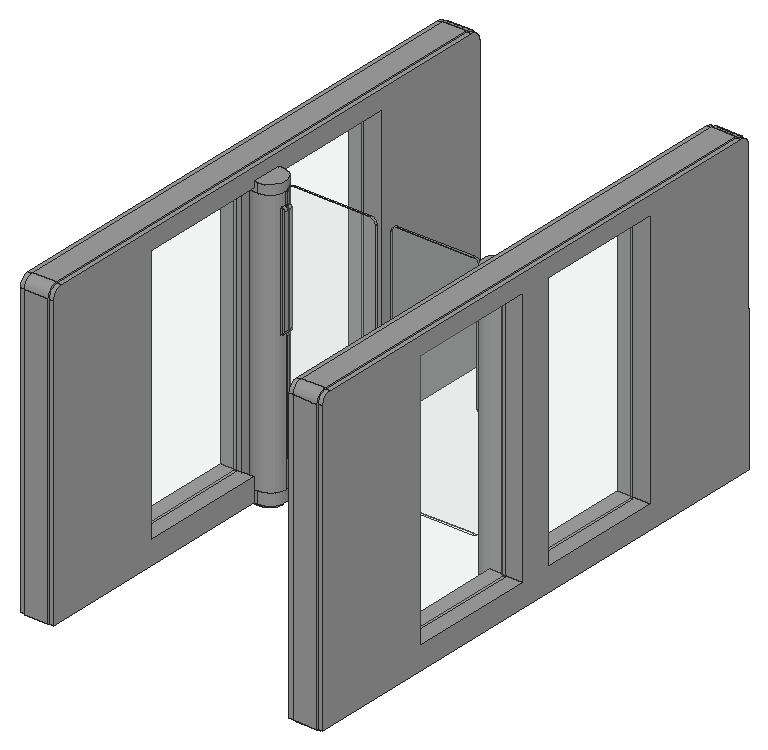
Revit family "record_VisionEdge", category Generic Models, Revit 2020
Family settings
  Can host rebar = No
  Round Connector Dimension = Use Diameter
  Part Type = Normal
  Work Plane-Based = No
  Always vertical = Yes
  Cut with Voids When Loaded = No
  Shared = No
  Room Calculation Point = No
Parameters (values of type "Vision Edge")
  Width [instance] = if(Width Input = 1, "1019 mm", if(Width Input = 2, "1284 mm", if(Width Input = 3, "1569 mm", "ERROR")))  # "1019 mm"
  Weight = "Depends on configuration and size"
  WarrantyDescription = "Depends on country"
  Uniclass2 = ""
  URL = "http://www.record.group"
  ThresholdRequired = no
  Shape = "Rectangular shaped"
  ServiceLifeDuration = "10-15 years"
  SerialNumber = "n/a"
  SelfClosing = yes
  SafetyDevices = "Force Limitations and Safety Sensors"
  ReplacementCost = "Depends on the configuration and door type"
  ReferenceStandard = "n/a"
  ProductionYear = "n/a"
  PassageWidthOptions = "650, 915, 1200"
  OperatingTemperature = "0º to +55ºC"
  OpenablePanelOpen [instance] = Door Open  # no
  OpenablePanelClose [instance] = not(Door Open)  # yes
  NominalWidth = 994.0 mm
  NominalLength = 1754.0 mm
  NominalHeight = 950.0 mm
  ModelReference = "Depends on the configuration"
  Model = "Vision Edge"
  Material = "Aluminum"
  ManufacturerURL = "www.record.group"
  Manufacturer = "Tansa"
  LeafColourOptions = "All RAL, customer specific"
  IssueDate = "n/a"
  IsExternal = yes
  HasDrive = yes
  HandicapAccessible = yes
  GlassType = "n/a"
  GlassThickness2 = 0.0 mm
  GlassThickness1 = 10.0 mm
  GlassLayers = 0
  Glass Type Input [instance] = 1
  Glass Type [instance] = if(Glass Type Input = 1, "8 mm", if(Glass Type Input = 2, "10 mm", "ERROR"))  # "8 mm"
  Glass Height Input [instance] = 1
  Glass Height [instance] = if(Glass Height Input = 1, "945 mm", if(Glass Height Input = 2, "1200 mm", if(Glass Height Input = 3, "1800 mm", "ERROR")))  # "945 mm"
  Glazing Material [instance] = record_Glass
  FrameSeal = yes
  FrameProfile = "Aluminium"
  FrameFinishOptions = "Powder coated, Anodized, Clad in stainless steel, etc."
  Frame Material [instance] = record_Metal
  FireExit = yes
  Finish [instance] = "Powder coated, Anodized, stainless steel, customer specific"
  ElectronicLock = yes
  DrumWallOptions = "Metal"
  DoorsetOptions = "no"
  DoorsetOperation = "Automatic"
  DoorsetFasteners = "Screws"
  DoorIncluded = yes
  Door Open [instance] = no
  Description = "Speedgate"
  Default Elevation = 0.0 mm
  Construction Type = "Speedgate"
  Colour = "Customer specific"
  Clearance Zone Material [instance] = record_Clearance
  Clearance Zone [instance] = no
  Width Input [instance] = 1
  Clear Opening Width [instance] = if(Width Input = 1, 650.0 mm, if(Width Input = 2, 915.0 mm, if(Width Input = 3, 1200.0 mm, 1200.0 mm)))  # 650.0 mm
  Capacity = "n/a"
  Burglar resistance = "No"
  BreakoutFacility = no
  Author = "agtatec"
  AntiFingerTrapRequirement = no
  Anti-tailgating/Anti-piggybacking = "Yes"
  AccessoryOptions = "Contact manufacturer"
  Access control/Biometrics = "Yes"
Reference planes
  plane 1 "Center (Front/Back)": y = 0
  plane 2: z = 0
  plane 3 "Center (Left/Right)": x = 0
  plane 4: x = -325
  plane 5: x = 325
  plane 6: x = -375.8
  plane 7: x = 375.8
Dimensions and locks
  "Clear Opening Width": plane 4 to plane 5
  equal spacing: plane 4, plane 3 "Center (Left/Right)", plane 5
  locked: plane 6 to plane 4 at 50.8
  locked: plane 7 to plane 5 at 50.8
  aligned and locked: level to plane 2
  aligned and locked: plane 6 to nested 1
  aligned and locked: nested 2 to plane 7
  aligned and locked: plane 6 to nested 3
  aligned and locked: nested 4 to plane 7
  aligned and locked: nested 5 to plane 4
  aligned and locked: nested 6 to plane 5
Nested families
  nested 1: "record_VisionEdge_OpenablePanel" at (-375.8, 0, 0), visible <- "OpenablePanelClose", type "record_VisionEdge_OpenablePanel"
    with GlassThickness 8.0 mm, GlassPanelWidth 300.0 mm, Glass Thickness Type Input 1, COW 650.0 mm
  nested 2: "record_VisionEdge_OpenablePanel" at (375.8, 0, 0) x (-1, 0, 0) z (0, 0, 1), visible <- "OpenablePanelClose", type "record_VisionEdge_OpenablePanel"
    with GlassThickness 8.0 mm, GlassPanelWidth 300.0 mm, Glass Thickness Type Input 1, COW 650.0 mm
  nested 3: "record_VisionEdge_OpenablePanel" at (-375.8, 0, 0) x (0, 1, 0) z (0, 0, 1), visible <- "OpenablePanelOpen", type "record_VisionEdge_OpenablePanel"
    with GlassThickness 8.0 mm, GlassPanelWidth 300.0 mm, Glass Thickness Type Input 1, COW 650.0 mm
  nested 4: "record_VisionEdge_OpenablePanel" at (375.8, 0, 0) x (0, 1, 0) z (0, 0, 1), visible <- "OpenablePanelOpen", type "record_VisionEdge_OpenablePanel"
    with GlassThickness 8.0 mm, GlassPanelWidth 300.0 mm, Glass Thickness Type Input 1, COW 650.0 mm
  nested 5: "record_VisionEdge_SidePanel" at (-325, 0, 0), type "record_VisionEdge_SidePanel"
  nested 6: "record_VisionEdge_SidePanel" at (325, 0, 0) x (-1, 0, 0) z (0, 0, 1), type "record_VisionEdge_SidePanel"
  nested 7: "record_VisionEdge_CZ" at (0, 0, 0), Clear Opening Width Type Input <- "Width Input", Glass Height Type Input <- "Glass Height Input", visible <- "Clearance Zone", Glass Thickness Type Input <- "Glass Type Input", type "record_VisionEdge_CZ"
    with Glass Thickness Type Input 1, Glass Height Type Input 1, Clear Opening Width Type Input 1, CZGlassThickness 9.0 mm, CZGlassHeight 947.0 mm, COW 650.0 mm, Clearance Zone no
Definition of nested family "record_VisionEdge_OpenablePanel"
  Parameters (values of type "Record_Vision_Openable_Panel")
    Glazing Material = none
    GlassThickness = if(Glass Thickness Type Input = 1, 8.0 mm, if(Glass Thickness Type Input = 2, 10.0 mm, 10.0 mm))  # 10.0 mm
    GlassPanelWidth = (COW - 50.0 mm) / 2  # 575.0 mm
    GlassHeight = if(Glass Height Type Input = 1, 950.0 mm, if(Glass Height Type Input = 2, 1200.0 mm, if(Glass Height Type Input = 3, 1800.0 mm, 1800.0 mm)))  # 950.0 mm
    Glass Thickness Type Input = 2
    Glass Height Type Input = 1
    Frame Material = none
    Default Elevation = 0.0 mm
    COW = 1200.0 mm
  Reference planes
    plane 1 "Center (Front/Back)": y = 0
    plane 2: z = 0
    plane 3 "Center (Left/Right)": x = 0
    plane 4: x = 50.8
    plane 5: x = 650.8
    plane 6: x = 625.8
    plane 7: z = 950
    plane 8: z = 882
    plane 9: y = 5
    plane 10: y = -5
  Forms (mm)
    Extrusion 1, solid, material <- "Frame Material", detail levels fine
      sketch origin (0, 0, 48) x (1, 0, 0) y (0, 1, 0)
        loop
          circle (0, 0) r 50.8
      from 0 to 877.5
    Extrusion 2, solid, material <- "Glazing Material", detail levels fine
      sketch origin (0.1, 0, 48) x (1, 0, 0) y (0, 0, 1)
        loop
          arc (60.7, 842) -> (58.357, 836.343) -> (52.7, 834) r 8
          line (52.7, 834) -> (48.435, 834) -> (48.435, 464) -> (52.7, 464)
          arc (52.7, 464) -> (58.357, 461.657) -> (60.7, 456) r 8
          line (60.7, 456) -> (60.7, 104)
          arc (60.7, 104) -> (66.558, 89.858) -> (80.7, 84) r 20
          line (80.7, 84) -> (605.7, 84)
          arc (605.7, 84) -> (619.842, 89.858) -> (625.7, 104) r 20
          line (625.7, 104) -> (625.7, 882)
          arc (625.7, 882) -> (619.842, 896.142) -> (605.7, 902) r 20
          line (605.7, 902) -> (80.7, 902)
          arc (80.7, 902) -> (66.558, 896.142) -> (60.7, 882) r 20
          line (60.7, 882) -> (60.7, 842)
      from -5 to 5
    Extrusion 3, void
      sketch origin (0, 0, 0) x (1, 0, 0) y (0, 0, 1)
        loop
          line (48.535, 885.5) -> (48.535, 508.5) -> (60.8, 508.5) -> (60.8, 885.5) -> (48.535, 885.5)
      from -20 to 20
    Extrusion 4, solid, material <- "Frame Material", detail levels fine
      sketch origin (0, 0, 0) x (1, 0, 0) y (0, 0, 1)
        loop
          arc (60.8, 874) -> (57.871, 881.071) -> (50.8, 884) r 10
          line (50.8, 884) -> (48.535, 884) -> (48.535, 510) -> (50.8, 510)
          arc (50.8, 510) -> (57.871, 512.929) -> (60.8, 520) r 10
          line (60.8, 520) -> (60.8, 874)
      from 5 to 13.5
    Extrusion 5, solid, material <- "Frame Material", detail levels fine
      sketch origin (0, 0, 0) x (1, 0, 0) y (0, 0, -1)
        loop
          line (60.8, -874) -> (60.8, -520)
          arc (60.8, -520) -> (57.871, -512.929) -> (50.8, -510) r 10
          line (50.8, -510) -> (48.535, -510) -> (48.535, -884) -> (50.8, -884)
          arc (50.8, -884) -> (57.871, -881.071) -> (60.8, -874) r 10
      from 5 to 13.5
    Extrusion 6, solid, material <- "Glazing Material", detail levels medium
      sketch origin (0.1, 0, 48) x (1, 0, 0) y (0, 0, 1)
        loop
          line (625.7, 902) -> (-4.7, 902) -> (-4.7, 84) -> (625.7, 84) -> (625.7, 902)
      from -5 to 5
  Cuts and joins
    Extrusion 3 cuts Extrusion 1
  Dimensions and locks
    locked: plane 6 to plane 5 at 25
    "GlassPanelWidth": plane 4 to plane 6
    locked: plane 3 "Center (Left/Right)" to plane 4 at 50.8
    "GlassHeight": plane 7 to plane 2
    equal spacing: plane 9, plane 1 "Center (Front/Back)", plane 10
    "GlassThickness": plane 10 to plane 9
    aligned and locked: level to plane 2
    aligned and locked: plane 7 to Extrusion 2 sketch curve
    aligned and locked: Extrusion 2 sketch curve to plane 8
    aligned and locked: Extrusion 2 to plane 9
    aligned and locked: plane 10 to Extrusion 2
    aligned and locked: Extrusion 4 to plane 10
    aligned and locked: Extrusion 5 to plane 9
    aligned and locked: Extrusion 6 sketch curve to plane 6
    aligned and locked: plane 7 to Extrusion 6 sketch curve
    aligned and locked: Extrusion 6 to plane 9
    aligned and locked: plane 10 to Extrusion 6
  Automatic sketch dimensions
    plane 1 "Center (Front/Back)" to Extrusion 1 sketch curve = 0.0 mm
    Extrusion 1 sketch curve to plane 3 "Center (Left/Right)" = 0.0 mm
    Extrusion 2 sketch curve to plane 6 = 0.0 mm
    Extrusion 2 sketch curve to plane 6 = 20.0 mm  (x2)
    plane 4 to Extrusion 2 sketch curve = 30.0 mm  (x2)
    plane 4 to Extrusion 2 sketch curve = 10.0 mm  (x2)
    plane 4 to Extrusion 2 sketch curve = 2.0 mm  (x2)
    Extrusion 2 sketch curve to plane 4 = 2.265 mm
    Extrusion 2 sketch curve to Extrusion 2 sketch curve = 370.0 mm
    level to Extrusion 2 sketch curve = 152.0 mm
    Extrusion 3 sketch curve to plane 4 = 2.265 mm
    plane 4 to Extrusion 3 sketch curve = 10.0 mm
    plane 8 to Extrusion 3 sketch curve = 373.5 mm
    Extrusion 3 sketch curve to plane 8 = 3.5 mm
    Extrusion 4 sketch curve to plane 4 = 0.0 mm  (x2)
    Extrusion 4 sketch curve to plane 4 = 2.265 mm
    plane 8 to Extrusion 4 sketch curve = 8.0 mm
    Extrusion 4 sketch curve to Extrusion 4 sketch curve = 10.0 mm
    Extrusion 4 sketch curve to Extrusion 4 sketch curve = 354.0 mm
    Extrusion 5 sketch curve to plane 4 = 0.0 mm  (x2)
    Extrusion 5 sketch curve to plane 4 = 2.265 mm
    plane 8 to Extrusion 5 sketch curve = 8.0 mm
    Extrusion 5 sketch curve to Extrusion 5 sketch curve = 10.0 mm
    Extrusion 5 sketch curve to Extrusion 5 sketch curve = 354.0 mm
    Extrusion 6 sketch curve to plane 3 "Center (Left/Right)" = 4.6 mm
    level to Extrusion 6 sketch curve = 132.0 mm
    radius of Extrusion 1 sketch curve = 50.8 mm
Definition of nested family "record_VisionEdge_SidePanel"
  Parameters (values of type "record_VisionEdge_SidePanel")
    Glazing Material = none
    GlassThikness = if(Glass Thickness Type Input = 1, 8.0 mm, if(Glass Thickness Type Input = 2, 10.0 mm, 10.0 mm))  # 8.0 mm
    Glass Thickness Type Input = 1
    Frame Material = none
    Default Elevation = 0.0 mm
  Reference planes
    plane 1 "Center (Front/Back)": y = 0
    plane 2: z = 0
    plane 3 "Center (Left/Right)": x = 0
    plane 4: x = -117
    plane 5: x = -113
    plane 6: x = -95
    plane 7: x = -121
    plane 8: x = -139
  Forms (mm)
    Extrusion 1, solid, material <- "Frame Material", detail levels fine
      sketch origin (0, 0, 0) x (1, 0, 0) y (0, 1, 0)
        loop
          arc (-50.8, -50.8) -> (0, 0) -> (-50.8, 50.8) r 50.8
          line (-50.8, 50.8) -> (-62, 50.8) -> (-62, -50.8) -> (-50.8, -50.8)
      from 925.51 to 955.51
    Extrusion 2, solid, material <- "Frame Material", detail levels fine
      sketch origin (0, 0, 0) x (1, 0, 0) y (0, 1, 0)
        loop
          line (-78, -864) -> (-78, -40.7) -> (-50.8, -40.7)
          arc (-50.8, -40.7) -> (-10.1, 0) -> (-50.8, 40.7) r 40.7
          line (-50.8, 40.7) -> (-78, 40.7) -> (-78, 864) -> (-156, 864) -> (-156, -864) -> (-78, -864)
      from 10.21 to 0
    Extrusion 3, solid, material <- "Glazing Material", detail levels fine
      sketch origin (-121, 0, 0) x (0, 1, 0) y (0, 0, 1)
        loop
          line (59.9, 921.825) -> (59.9, 85.2) -> (464.9, 85.2) -> (464.9, 921.825)
          arc (464.9, 921.825) -> (461.971, 928.896) -> (454.9, 931.825) r 10
          line (454.9, 931.825) -> (69.9, 931.825)
          arc (69.9, 931.825) -> (62.829, 928.896) -> (59.9, 921.825) r 10
        loop
          arc (-59.9, 921.825) -> (-62.829, 928.896) -> (-69.9, 931.825) r 10
          line (-69.9, 931.825) -> (-454.9, 931.825)
          arc (-454.9, 931.825) -> (-461.971, 928.896) -> (-464.9, 921.825) r 10
          line (-464.9, 921.825) -> (-464.9, 85.2) -> (-59.9, 85.2) -> (-59.9, 921.825)
      from 0 to 8
    Extrusion 4, solid, material <- "Frame Material", detail levels fine
      sketch origin (0, 0, 0) x (1, 0, 0) y (0, 1, 0)
        loop
          arc (-50.8, -50.8) -> (0, 0) -> (-50.8, 50.8) r 50.8
          line (-50.8, 50.8) -> (-62, 50.8) -> (-62, -50.8) -> (-50.8, -50.8)
      from 10 to 48.01
    Extrusion 5, void
      sketch origin (0, 0, 37.81) x (1, 0, 0) y (0, 1, 0)
        loop
          line (-101.8, -50.8) -> (-62, -50.8) -> (-62, 50.8) -> (-101.8, 50.8) -> (-101.8, -50.8)
      from 10.2 to 887.7
    Extrusion 6, void
      sketch origin (0, 0, 0) x (0, 1, 0) y (0, 0, 1)
        loop
          line (50.8, 85.2) -> (474, 85.2) -> (474, 936.825) -> (50.8, 936.825) -> (50.8, 85.2)
        loop
          line (-50.8, 85.2) -> (-50.8, 936.825) -> (-474, 936.825) -> (-474, 85.2) -> (-50.8, 85.2)
      from -175.599 to -55
    Extrusion 7, solid, material <- "Frame Material", detail levels coarse+medium
      sketch origin (0, 0, 0) x (1, 0, 0) y (0, 1, 0)
        loop
          line (-62, -877) -> (-62, 877) -> (-172, 877) -> (-172, -877) -> (-62, -877)
      from 0 to 1000
    Extrusion 8, solid, material <- "Frame Material", detail levels fine
      sketch origin (0, 0, 0) x (0, 1, 0) y (0, 0, 1)
        loop
          line (-874, 9.5) -> (874, 9.5) -> (874, 965.5)
          arc (874, 965.5) -> (864.774, 987.774) -> (842.5, 997) r 31.5
          line (842.5, 997) -> (-842.5, 997)
          arc (-842.5, 997) -> (-864.774, 987.774) -> (-874, 965.5) r 31.5
          line (-874, 965.5) -> (-874, 9.5)
      from -62 to -172
    Extrusion 9, solid, material <- "Frame Material", detail levels fine
      sketch origin (0, 0, 0) x (0, 1, 0) y (0, 0, 1)
        loop
          line (-874, 9.5) -> (-874, 965.5)
          arc (-874, 965.5) -> (-864.774, 987.774) -> (-842.5, 997) r 31.5
          line (-842.5, 997) -> (842.5, 997)
          arc (842.5, 997) -> (864.774, 987.774) -> (874, 965.5) r 31.5
          line (874, 965.5) -> (874, 9.5) -> (877, 9.5) -> (877, 965.5)
          arc (877, 965.5) -> (866.895, 989.895) -> (842.5, 1000) r 34.5
          line (842.5, 1000) -> (-842.5, 1000)
          arc (-842.5, 1000) -> (-866.895, 989.895) -> (-877, 965.5) r 34.5
          line (-877, 965.5) -> (-877, 9.5) -> (-874, 9.5)
      from -78 to -156
    Extrusion 10, solid, material <- "Frame Material", detail levels fine
      sketch origin (-121, 0, 0) x (0, -1, 0) y (0, 0, 1)
        loop
          line (-405.781, 918.825) -> (-357.781, 918.825)
          arc (-357.781, 918.825) -> (-353.538, 920.582) -> (-351.781, 924.825) r 6
          line (-351.781, 924.825) -> (-351.781, 936.825) -> (-411.781, 936.825) -> (-411.781, 924.825)
          arc (-411.781, 924.825) -> (-410.024, 920.582) -> (-405.781, 918.825) r 6
        loop
          arc (-125.781, 918.825) -> (-121.538, 920.582) -> (-119.781, 924.825) r 6
          line (-119.781, 924.825) -> (-119.781, 936.825) -> (-179.781, 936.825) -> (-179.781, 924.825)
          arc (-179.781, 924.825) -> (-178.024, 920.582) -> (-173.781, 918.825) r 6
          line (-173.781, 918.825) -> (-125.781, 918.825)
        loop
          arc (405.781, 918.825) -> (410.024, 920.582) -> (411.781, 924.825) r 6
          line (411.781, 924.825) -> (411.781, 936.825) -> (351.781, 936.825) -> (351.781, 924.825)
          arc (351.781, 924.825) -> (353.538, 920.582) -> (357.781, 918.825) r 6
          line (357.781, 918.825) -> (405.781, 918.825)
        loop
          line (125.781, 918.825) -> (173.781, 918.825)
          arc (173.781, 918.825) -> (178.024, 920.582) -> (179.781, 924.825) r 6
          line (179.781, 924.825) -> (179.781, 936.825) -> (119.781, 936.825) -> (119.781, 924.825)
          arc (119.781, 924.825) -> (121.538, 920.582) -> (125.781, 918.825) r 6
      from 3 to 0
    Extrusion 11, solid, material <- "Frame Material", detail levels fine
      sketch origin (-113, 0, 0) x (0, 1, 0) y (0, 0, 1)
        loop
          arc (405.781, 918.825) -> (410.024, 920.582) -> (411.781, 924.825) r 6
          line (411.781, 924.825) -> (411.781, 936.825) -> (351.781, 936.825) -> (351.781, 924.825)
          arc (351.781, 924.825) -> (353.538, 920.582) -> (357.781, 918.825) r 6
          line (357.781, 918.825) -> (405.781, 918.825)
        loop
          line (125.781, 918.825) -> (173.781, 918.825)
          arc (173.781, 918.825) -> (178.024, 920.582) -> (179.781, 924.825) r 6
          line (179.781, 924.825) -> (179.781, 936.825) -> (119.781, 936.825) -> (119.781, 924.825)
          arc (119.781, 924.825) -> (121.538, 920.582) -> (125.781, 918.825) r 6
        loop
          line (-405.781, 918.825) -> (-357.781, 918.825)
          arc (-357.781, 918.825) -> (-353.538, 920.582) -> (-351.781, 924.825) r 6
          line (-351.781, 924.825) -> (-351.781, 936.825) -> (-411.781, 936.825) -> (-411.781, 924.825)
          arc (-411.781, 924.825) -> (-410.024, 920.582) -> (-405.781, 918.825) r 6
        loop
          arc (-125.781, 918.825) -> (-121.538, 920.582) -> (-119.781, 924.825) r 6
          line (-119.781, 924.825) -> (-119.781, 936.825) -> (-179.781, 936.825) -> (-179.781, 924.825)
          arc (-179.781, 924.825) -> (-178.024, 920.582) -> (-173.781, 918.825) r 6
          line (-173.781, 918.825) -> (-125.781, 918.825)
      from 3 to 0
    Extrusion 12, solid, material <- "Frame Material", detail levels fine
      sketch origin (-39.496, -317, 936.825) x (0, -1, 0) y (-1, 0, 0)
        loop
          arc (88.781, 55.504) -> (93.024, 57.262) -> (94.781, 61.504) r 6
          line (94.781, 61.504) -> (94.781, 73.504) -> (34.781, 73.504) -> (34.781, 61.504)
          arc (34.781, 61.504) -> (36.538, 57.262) -> (40.781, 55.504) r 6
          line (40.781, 55.504) -> (88.781, 55.504)
        loop
          line (-191.219, 55.504) -> (-143.219, 55.504)
          arc (-143.219, 55.504) -> (-138.976, 57.262) -> (-137.219, 61.504) r 6
          line (-137.219, 61.504) -> (-137.219, 73.504) -> (-197.219, 73.504) -> (-197.219, 61.504)
          arc (-197.219, 61.504) -> (-195.462, 57.262) -> (-191.219, 55.504) r 6
        loop
          line (-722.781, 55.504) -> (-674.781, 55.504)
          arc (-674.781, 55.504) -> (-670.538, 57.262) -> (-668.781, 61.504) r 6
          line (-668.781, 61.504) -> (-668.781, 73.504) -> (-728.781, 73.504) -> (-728.781, 61.504)
          arc (-728.781, 61.504) -> (-727.024, 57.262) -> (-722.781, 55.504) r 6
        loop
          arc (-442.781, 55.504) -> (-438.538, 57.262) -> (-436.781, 61.504) r 6
          line (-436.781, 61.504) -> (-436.781, 73.504) -> (-496.781, 73.504) -> (-496.781, 60.504)
          arc (-496.781, 60.504) -> (-495.316, 56.969) -> (-491.781, 55.504) r 5
          line (-491.781, 55.504) -> (-442.781, 55.504)
        loop
          line (88.781, 99.504) -> (40.781, 99.504)
          arc (40.781, 99.504) -> (36.538, 97.747) -> (34.781, 93.504) r 6
          line (34.781, 93.504) -> (34.781, 81.504) -> (94.781, 81.504) -> (94.781, 93.504)
          arc (94.781, 93.504) -> (93.024, 97.747) -> (88.781, 99.504) r 6
        loop
          arc (-191.219, 99.504) -> (-195.462, 97.747) -> (-197.219, 93.504) r 6
          line (-197.219, 93.504) -> (-197.219, 81.504) -> (-137.219, 81.504) -> (-137.219, 93.504)
          arc (-137.219, 93.504) -> (-138.976, 97.747) -> (-143.219, 99.504) r 6
          line (-143.219, 99.504) -> (-191.219, 99.504)
        loop
          arc (-722.781, 99.504) -> (-727.024, 97.747) -> (-728.781, 93.504) r 6
          line (-728.781, 93.504) -> (-728.781, 81.504) -> (-668.781, 81.504) -> (-668.781, 93.504)
          arc (-668.781, 93.504) -> (-670.538, 97.747) -> (-674.781, 99.504) r 6
          line (-674.781, 99.504) -> (-722.781, 99.504)
        loop
          line (-442.781, 99.504) -> (-490.781, 99.504)
          arc (-490.781, 99.504) -> (-495.024, 97.747) -> (-496.781, 93.504) r 6
          line (-496.781, 93.504) -> (-496.781, 81.504) -> (-436.781, 81.504) -> (-436.781, 93.504)
          arc (-436.781, 93.504) -> (-438.538, 97.747) -> (-442.781, 99.504) r 6
      from 3 to 0
  Cuts and joins
    Extrusion 5, Extrusion 6 cuts Extrusion 8
    joined: Extrusion 1, Extrusion 2, Extrusion 4, Extrusion 8
    joined: Extrusion 10, Extrusion 11, Extrusion 12
  Dimensions and locks
    "GlassThikness": Extrusion 3 to Extrusion 3
    locked: plane 4 to plane 3 "Center (Left/Right)" at 117
    equal spacing: Extrusion 3, plane 4, Extrusion 3
    locked: plane 5 to plane 6 at 18
    locked: plane 7 to plane 8 at 18
    "GlassThikness": plane 7 to plane 5
    equal spacing: plane 7, plane 4, plane 5
    aligned and locked: level to plane 2
    aligned and locked: Extrusion 12 sketch curve to plane 5  (x3)
    aligned and locked: plane 5 to Extrusion 12 sketch curve
    aligned and locked: Extrusion 12 sketch curve to plane 6  (x2)
    aligned and locked: plane 6 to Extrusion 12 sketch curve  (x2)
    aligned and locked: Extrusion 12 sketch curve to plane 7  (x3)
    aligned and locked: plane 7 to Extrusion 12 sketch curve
    aligned and locked: plane 8 to Extrusion 12 sketch curve  (x2)
    aligned and locked: Extrusion 12 sketch curve to plane 8  (x2)
  Automatic sketch dimensions
    plane 1 "Center (Front/Back)" to Extrusion 1 sketch curve = 0.0 mm
    Extrusion 1 sketch curve to plane 3 "Center (Left/Right)" = 62.0 mm
    Extrusion 1 sketch curve to Extrusion 1 sketch curve = 11.2 mm
    plane 1 "Center (Front/Back)" to Extrusion 1 sketch curve = 50.8 mm
    plane 1 "Center (Front/Back)" to Extrusion 2 sketch curve = 0.0 mm
    Extrusion 2 sketch curve to plane 3 "Center (Left/Right)" = 156.0 mm
    Extrusion 2 sketch curve to plane 3 "Center (Left/Right)" = 78.0 mm  (x2)
    Extrusion 2 sketch curve to Extrusion 2 sketch curve = 27.2 mm
    plane 1 "Center (Front/Back)" to Extrusion 2 sketch curve = 40.7 mm
    Extrusion 2 sketch curve to Extrusion 2 sketch curve = 823.3 mm  (x2)
    level to Extrusion 3 sketch curve = 85.2 mm  (x2)
    plane 1 "Center (Front/Back)" to Extrusion 3 sketch curve = 464.9 mm
    Extrusion 3 sketch curve to Extrusion 3 sketch curve = 10.0 mm  (x3)
    plane 1 "Center (Front/Back)" to Extrusion 3 sketch curve = 69.9 mm
    Extrusion 3 sketch curve to plane 1 "Center (Front/Back)" = 59.9 mm
    Extrusion 3 sketch curve to Extrusion 3 sketch curve = 385.0 mm
    Extrusion 3 sketch curve to Extrusion 3 sketch curve = 405.0 mm
    Extrusion 3 sketch curve to Extrusion 3 sketch curve = 836.625 mm
    Extrusion 3 sketch curve to Extrusion 3 sketch curve = 0.0 mm
    plane 1 "Center (Front/Back)" to Extrusion 4 sketch curve = 0.0 mm
    Extrusion 4 sketch curve to plane 3 "Center (Left/Right)" = 62.0 mm
    Extrusion 4 sketch curve to Extrusion 4 sketch curve = 11.2 mm
    plane 1 "Center (Front/Back)" to Extrusion 4 sketch curve = 50.8 mm
    Extrusion 5 sketch curve to plane 1 "Center (Front/Back)" = 50.8 mm
    Extrusion 5 sketch curve to plane 3 "Center (Left/Right)" = 101.8 mm
    Extrusion 5 sketch curve to Extrusion 5 sketch curve = 39.8 mm
    plane 1 "Center (Front/Back)" to Extrusion 5 sketch curve = 50.8 mm
    plane 1 "Center (Front/Back)" to Extrusion 6 sketch curve = 474.0 mm
    plane 1 "Center (Front/Back)" to Extrusion 6 sketch curve = 50.8 mm
    Extrusion 6 sketch curve to plane 1 "Center (Front/Back)" = 50.8 mm
    Extrusion 6 sketch curve to Extrusion 6 sketch curve = 423.2 mm
    level to Extrusion 6 sketch curve = 85.2 mm  (x2)
    Extrusion 6 sketch curve to Extrusion 6 sketch curve = 851.625 mm
    Extrusion 6 sketch curve to Extrusion 6 sketch curve = 0.0 mm
    Extrusion 7 sketch curve to plane 3 "Center (Left/Right)" = 172.0 mm
    Extrusion 7 sketch curve to plane 3 "Center (Left/Right)" = 62.0 mm
    plane 1 "Center (Front/Back)" to Extrusion 7 sketch curve = 877.0 mm
    Extrusion 7 sketch curve to plane 1 "Center (Front/Back)" = 877.0 mm
    level to Extrusion 8 sketch curve = 9.5 mm
    plane 1 "Center (Front/Back)" to Extrusion 8 sketch curve = 874.0 mm
    Extrusion 8 sketch curve to Extrusion 8 sketch curve = 31.5 mm
    Extrusion 8 sketch curve to plane 1 "Center (Front/Back)" = 842.5 mm
    Extrusion 8 sketch curve to plane 1 "Center (Front/Back)" = 874.0 mm
    Extrusion 8 sketch curve to Extrusion 8 sketch curve = 956.0 mm
    Extrusion 9 sketch curve to Extrusion 9 sketch curve = 0.0 mm  (x4)
    level to Extrusion 9 sketch curve = 9.5 mm  (x2)
    plane 1 "Center (Front/Back)" to Extrusion 9 sketch curve = 877.0 mm
    Extrusion 9 sketch curve to Extrusion 9 sketch curve = 3.0 mm
    Extrusion 9 sketch curve to Extrusion 9 sketch curve = 31.5 mm  (x2)
    Extrusion 9 sketch curve to plane 1 "Center (Front/Back)" = 842.5 mm
    Extrusion 9 sketch curve to Extrusion 9 sketch curve = 956.0 mm
    Extrusion 3 to Extrusion 10 sketch curve = 5.0 mm  (x4)
    Extrusion 10 sketch curve to Extrusion 3 = 53.119 mm
    Extrusion 10 sketch curve to Extrusion 10 sketch curve = 6.0 mm  (x8)
    Extrusion 10 sketch curve to Extrusion 3 = 7.0 mm  (x2)
    Extrusion 10 sketch curve to Extrusion 10 sketch curve = 48.0 mm  (x4)
    Extrusion 10 sketch curve to Extrusion 3 = 119.881 mm
    Extrusion 10 sketch curve to Extrusion 3 = 13.0 mm  (x2)
    Extrusion 10 sketch curve to Extrusion 3 = 59.881 mm
    Extrusion 10 sketch curve to Extrusion 3 = 113.119 mm
    Extrusion 3 to Extrusion 11 sketch curve = 5.0 mm  (x4)
    Extrusion 11 sketch curve to Extrusion 3 = 53.119 mm
    Extrusion 11 sketch curve to Extrusion 11 sketch curve = 6.0 mm  (x7)
    Extrusion 11 sketch curve to Extrusion 3 = 7.0 mm  (x4)
    Extrusion 11 sketch curve to Extrusion 11 sketch curve = 48.0 mm  (x4)
    Extrusion 11 sketch curve to Extrusion 3 = 119.881 mm
    Extrusion 11 sketch curve to Extrusion 3 = 59.881 mm
    Extrusion 11 sketch curve to Extrusion 3 = 113.119 mm
    Extrusion 11 sketch curve to Extrusion 3 = 13.0 mm
    Extrusion 12 sketch curve to Extrusion 6 = 62.219 mm
    Extrusion 12 sketch curve to Extrusion 12 sketch curve = 0.0 mm  (x10)
    Extrusion 12 sketch curve to Extrusion 12 sketch curve = 6.0 mm  (x13)
    Extrusion 12 sketch curve to Extrusion 12 sketch curve = 48.0 mm  (x4)
    Extrusion 12 sketch curve to Extrusion 6 = 45.0 mm
    Extrusion 6 to Extrusion 12 sketch curve = 128.981 mm
    Extrusion 12 sketch curve to Extrusion 6 = 170.581 mm
    Extrusion 12 sketch curve to Extrusion 12 sketch curve = 172.0 mm
Definition of nested family "record_VisionEdge_CZ"
  Parameters (values of type "record_VisionTouch_CZ")
    Glass Thickness Type Input [instance] = 1
    Clearance Zone = yes
    CZGlassThickness [instance] = if(Glass Thickness Type Input = 1, 8.0 mm, if(Glass Thickness Type Input = 2, 10.0 mm, 10.0 mm)) / 2 + 5.0 mm  # 9.0 mm
    CZGlassHeight [instance] = if(Glass Height Type Input = 1, 945.0 mm, if(Glass Height Type Input = 2, 1200.0 mm, if(Glass Height Type Input = 3, 1800.0 mm, 1800.0 mm))) + 2.0 mm  # 1802.0 mm
    Glass Height Type Input [instance] = 3
    Default Elevation = 0.0 mm
    Clearance Zone Material = none
    Clear Opening Width Type Input [instance] = 3
    COW [instance] = if(Clear Opening Width Type Input = 1, 650.0 mm, if(Clear Opening Width Type Input = 2, 915.0 mm, if(Clear Opening Width Type Input = 3, 1200.0 mm, 1200.0 mm)))  # 1200.0 mm
  Reference planes
    plane 1 "Center (Front/Back)": y = 0
    plane 2: z = 0
    plane 3 "Center (Left/Right)": x = 0
    plane 4: x = -600
    plane 5: x = 600
    plane 6: x = -650.8
    plane 7: x = 650.8
    plane 8: x = -777
    plane 9: x = 777
    plane 10: y = 600
    plane 11: y = -600
    plane 12: z = 1802
  Forms (mm)
    Extrusion 1, solid, material <- "Clearance Zone Material", visible <- "Clearance Zone"
      sketch origin (0, 0, 0) x (1, 0, 0) y (0, 1, 0)
        loop
          line (-777, 882) -> (-777, -882) -> (777, -882) -> (777, 882) -> (-777, 882)
      from 0 to 1002
    Extrusion 2, solid, material <- "Clearance Zone Material", visible <- "Clearance Zone"
      sketch origin (0, 0, 0) x (1, 0, 0) y (0, 1, 0)
        loop
          line (-659.8, 630.8) -> (-659.8, -9) -> (659.8, -9) -> (659.8, 630.8) -> (-659.8, 630.8)
      from 0 to 1802
  Cuts and joins
    joined: Extrusion 1, Extrusion 2
  Dimensions and locks
    "COW": plane 4 to plane 5
    equal spacing: plane 4, plane 3 "Center (Left/Right)", plane 5
    locked: plane 6 to plane 4 at 50.8
    locked: plane 7 to plane 5 at 50.8
    locked: plane 8 to plane 4 at 177
    equal spacing: plane 11, plane 1 "Center (Front/Back)", plane 10
    "COW": plane 11 to plane 10
    locked: plane 10 to Extrusion 2 sketch curve at 30.8
    "CZGlassThickness": Extrusion 2 sketch curve to plane 1 "Center (Front/Back)"
    "CZGlassThickness": plane 7 to Extrusion 2 sketch curve
    "CZGlassThickness": Extrusion 2 sketch curve to plane 6
    "CZGlassHeight": plane 12 to level
    locked: plane 5 to plane 9 at 177
    aligned and locked: level to plane 2
    aligned and locked: Extrusion 1 to plane 8
    aligned and locked: cut or joined group of Extrusion 1, Extrusion 2 to plane 12
    aligned and locked: cut or joined group of Extrusion 1, Extrusion 2 to plane 9
  Automatic sketch dimensions
    Extrusion 1 sketch curve to plane 8 = 0.0 mm
    Extrusion 1 sketch curve to plane 1 "Center (Front/Back)" = 882.0 mm
    plane 1 "Center (Front/Back)" to Extrusion 1 sketch curve = 882.0 mm
    Extrusion 1 sketch curve to plane 9 = 0.0 mm
